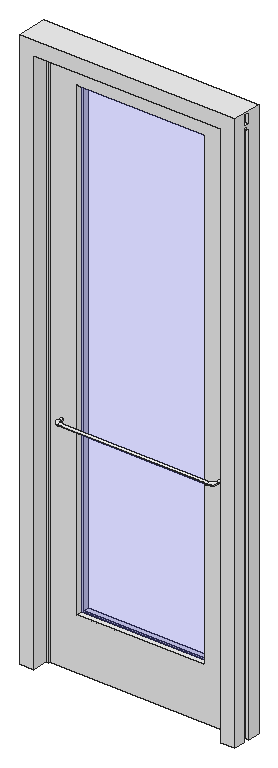
Revit family "kawneer-360_insulclad-sgl_no-tran-fr_20625", category Doors, host Wall, Revit 2015
Parameters
  Water - Static (ASTM E 331) = "product not tested"
  URL = "http://www.kawneer.com/kawneer/north_america/en/product.asp?prod_id=1821"
  Type of Glazing = "insulating"
  Type Comments = "Medium Stile Insulated Swing Door"
  Thermal Transmittance = "< 0.67 BTU/hr/sf/F"
  Sub Category3 = ""
  Sub Category2 = ""
  Sub Category1 = ""
  Sightline = 0"
  Short Description = "Medium Stile Insulated Swing Door"
  Product data url = "https://bimobject.com/kawneerna/product/20617"
  Panel Inserts Material = Glass
  Overall U-Factor = "product not tested"
  Model = "360 Insulclad®"
  Manufacturer Part Number = "360 Insulclad®"
  Manufacturer = "Kawneer"
  Keywords = "Entrance, Door, Swing Door, Thermally Broken"
  Hurricane Resistant Tested [instance] = "product not tested"
  Hinging Types = "Offset Pivot, Butt Hinge, Continuous Gear Hinge"
  Height = 84"
  Wall Closure = By host
  Width = 32"
  Glazing Thickness = 0"
  Glass U-Factor = "product not tested"
  Glass Installtion = "outside"
  Glass Capture = "Captured"
  Function (Interior or Exterior) = "Exterior"
  Function = Interior
  Door Panel Width = Width - (2" * 2)  # 28"
  Door Panel Material = Aluminum - ASTM B 221 - 6063-T6 alloy and temper
  Door Panel Height = Height - 2"  # 82"
  Door Opening = Door Panel Width  # 28"
  Door Handle Material = Aluminum - ASTM B 221 - 6063-T6 alloy and temper
  Door Corner Construction = "Welded"
  Design Pressure = "n/a"
  Design Load = "n/a"
  Description = "The \"360 Insulclad\" is a narrow stile entrance door that is thermally broken and features the dual moment corner construction."
  Depth = 2"
  Color = "any"
  Cladding Type = "Aluminum - ASTM B 221 - 6063-T6 alloy and temper"
  CSI Masterformat Code = "08 41 13"
  Assembly Code = "B2030110"
  Application = "moderate traffic, thermal"
  Air Infiltration (ASTM E 283) = "< 0.50 cfm/ft2  @ 6.24 psf (300 Pa), Single Doors,"
  2-Color Option = "yes"
Reference planes
  plane 1 "Centre Wall": y = 0
  plane 2 "Center (Left/Right)": x = 0
  plane 3 "Left": x = -406.4
  plane 4 "Right": x = 406.4
  plane 5: z = 2133.6
  plane 6 "Exterior": y = 75
  plane 7 "Interior": y = -75
  plane 8: x = -355.6
  plane 9: x = 355.6
Forms (mm)
  Sweep 1, solid, material "Aluminum - ASTM B 221 - 6063-T6 alloy and temper" <- "Door Panel Material"
    path origin (0, 0, 0) x (1, 0, 0) y (0, 0, 1)
      loop
        line (406.4, 2133.6) -> (406.4, 0)
    profile "TLFrame : TLFrame" origin (406.4, 0, 1066.8) x (1, 0, 0) y (0, -1, 0)
      loop
        line (-60.8, -6.375) -> (-50.8, -6.375) -> (-50.8, -57.175) -> (0, -57.175) -> (0, -12.125) -> (-17.25, -12.125) -> (-17.25, 12.125) -> (0, 12.125) -> (0, 57.125) -> (-50.8, 57.125) -> (-50.8, -1.375) -> (-60.8, -1.375) -> (-60.8, -6.375)
      loop
        line (-5, -17.125) -> (-22.25, -17.125) -> (-22.25, 17.125) -> (-5, 17.125) -> (-5, 52.125) -> (-45.8, 52.125) -> (-45.8, -52.175) -> (-5, -52.175) -> (-5, -17.125)
  Sweep 2, solid, material "Aluminum - ASTM B 221 - 6063-T6 alloy and temper" <- "Door Panel Material"
    path origin (0, 0, 0) x (1, 0, 0) y (0, 0, 1)
      loop
        line (-406.4, 2133.6) -> (-406.4, 0)
    profile "TLFrame : TLFrame" origin (-406.4, 0, 1066.8) x (1, 0, 0) y (0, -1, 0)
      loop
        line (60.8, -6.375) -> (60.8, -1.375) -> (50.8, -1.375) -> (50.8, 57.125) -> (0, 57.125) -> (0, 12.125) -> (17.25, 12.125) -> (17.25, -12.125) -> (0, -12.125) -> (0, -57.175) -> (50.8, -57.175) -> (50.8, -6.375) -> (60.8, -6.375)
      loop
        line (5, -17.125) -> (5, -52.175) -> (45.8, -52.175) -> (45.8, 52.125) -> (5, 52.125) -> (5, 17.125) -> (22.25, 17.125) -> (22.25, -17.125) -> (5, -17.125)
  Sweep 3, solid, material "Aluminum - ASTM B 221 - 6063-T6 alloy and temper" <- "Door Panel Material"
    path origin (0, 0, 0) x (1, 0, 0) y (0, 0, 1)
      loop
        line (406.4, 2133.6) -> (-406.4, 2133.6)
    profile "TLTopFrame : TLTopFrame" origin (0, 0, 2133.6) x (0, 0, -1) y (0, -1, 0)
      loop
        line (60.8, -6.35) -> (60.8, -1.35) -> (50.8, -1.35) -> (50.8, 57.15) -> (0, 57.15) -> (0, -57.15) -> (50.8, -57.15) -> (50.8, -6.35) -> (60.8, -6.35)
      loop
        line (5, -52.15) -> (45.8, -52.15) -> (45.8, 52.15) -> (5, 52.15) -> (5, -52.15)
Cuts and joins
  joined: Sweep 1, Sweep 2, Sweep 3
Lines and regions (mm)
  Opening 1
    outline origin (-3050, -75, 0) x (1, 0, 0) y (0, 0, 1)
      loop
        line (2643.6, 0) -> (3456.4, 0) -> (3456.4, 2133.6) -> (2643.6, 2133.6) -> (2643.6, 0)
  symbolic lines
    curve 1: line (-355.6, 768.375, 0) -> (-304.8, 768.375, 0)
    curve 2: line (-355.6, 57.175, 0) -> (-355.6, 768.375, 0)
    curve 3: line (-304.8, 57.175, 0) -> (-355.6, 57.175, 0)
    curve 4: line (-304.8, 768.375, 0) -> (-304.8, 57.175, 0)
    curve 5: arc (-304.8, 768.375, 0) -> (171.152, 548.116, 0) -> (355.6, 57.175, 0) r 691.417
Text (mm)
  text "Exterior" at (-2295.016, 1099.543, 0), in view "Ref. Level"
  text "Exterior" at (0, 1615.38, 3698.081), in view "Left"
  text "Exterior" at (0, 1036.032, 3874.932), in view "Right"
Dimensions and locks
  equal spacing: plane 3 "Left", plane 2 "Center (Left/Right)", plane 4 "Right"
  "Width": plane 3 "Left" to plane 4 "Right"
  "Height": plane 5 to host wall
  host wall to plane 5 = 84"  (x2)
  locked: plane 6 "Exterior" to host wall at 0
  locked: plane 7 "Interior" to host wall
  locked: plane 3 "Left" to plane 8 at 50.8
  locked: plane 9 to plane 4 "Right" at 50.8
  "Depth": curve 2 to curve 4
  "Door Panel Width": cut or joined group of Sweep 1, Sweep 2, Sweep 3 to curve 1
  aligned and locked: plane 3 "Left" to Opening 1 sketch curve
  aligned and locked: plane 5 to Opening 1 sketch curve  (x2)
  aligned and locked: Opening 1 sketch curve to plane 4 "Right"
  aligned and locked: Opening 1 sketch curve to level
  aligned and locked: plane 1 "Centre Wall" to host wall
  aligned and locked: plane 5 to Sweep 1 sketch curve
  aligned and locked: level to Sweep 1 sketch curve
  aligned and locked: plane 5 to Sweep 2 sketch curve
  aligned and locked: level to Sweep 2 sketch curve
  aligned and locked: plane 4 "Right" to Sweep 3 sketch curve
  aligned and locked: plane 3 "Left" to Sweep 3 sketch curve
  aligned and locked: nested 1 to plane 2 "Center (Left/Right)"
  aligned and locked: nested 1 to cut or joined group of Sweep 1, Sweep 2, Sweep 3
  aligned and locked: plane 8 to curve 2
  aligned and locked: cut or joined group of Sweep 1, Sweep 2, Sweep 3 to curve 3
  aligned and locked: plane 9 to curve 5
  aligned and locked: cut or joined group of Sweep 1, Sweep 2, Sweep 3 to curve 5
  aligned and locked: curve 1 to curve 5
Automatic sketch dimensions
  Sweep 1 sketch curve to plane 4 "Right" = 0"
  Sweep 2 sketch curve to plane 3 "Left" = 0"
  Sweep 3 sketch curve to plane 5 = 0"
  host wall to curve 5 = 0.10394"
Nested families
  nested 1: "Kawneer-360_Insulclad-Sgl" at (-310.356, -18.225, 0) x (-1, 0, 0) z (0, 0, 1), type "Kawneer-360_Insulclad-Sgl"
    with Width 28", Height 82", Door Handle Width 23 1/2"
Definition of nested family "Kawneer-360_Insulclad-Sgl"
  Parameters
    Width = 32"
    Water - static (ASTM E 331) = ""
    Type of Glazing = ""
    Thermal transmittance = ""
    Sub Category3 = ""
    Sub Category2 = ""
    Sub Category1 = ""
    Short Description = ""
    Performance standards = ""
    Panel Inserts Material = none
    Overall U-Factor = ""
    Mfr Part Num = ""
    Manufacturer = "Kawneer"
    Keywords = ""
    Hurricane Resistant Tested = ""
    Hinging Types = ""
    Height = 84"
    Glass capture = ""
    Glass U-Factor = ""
    Glass Installtion = ""
    Function (Interior or Exterior) = ""
    Door Panel Material = none
    Door Hangle Material = none
    Door Hangle Height = 33 25/256"
    Door Handle Width = Width - (2 1/4" * 2)  # 27 1/2"
    Door Corner Construction = ""
    Design load = ""
    Design Pressure = ""
    Depth = 2"
    Color = ""
    Cladding Type = ""
    CSI Mastformat Code = ""
    Assembly Code = "B2030110"
    Application = ""
    Air Infiltration (ASTM E 283) = ""
    2-Color Option = ""
  Reference planes
    plane 1 "Center (Front/Back)": y = -50
    plane 2: z = 0
    plane 3 "Center (Left/Right)": x = -310.356
    plane 4: x = -716.756
    plane 5: x = 96.044
    plane 6: y = -24.6
    plane 7: y = -75.4
    plane 8: z = 2133.6
    plane 9: z = 840.68
    plane 10: x = -602.456
    plane 11: x = -18.256
    plane 12: x = -659.606
  Forms (mm)
    Extrusion 1, solid, material <- "Panel Inserts Material"
      sketch origin (0, 0, 0) x (1, 0, 0) y (0, 1, 0)
        loop
          line (-607.417, -44.582) -> (-607.417, -55.418) -> (-13.295, -55.418) -> (-13.295, -44.582) -> (-607.417, -44.582)
      from 193.039 to 2049.661
    Sweep 2, solid, material <- "Door Panel Material"
      path origin (0, -50, 0) x (1, 0, 0) y (0, 0, 1)
        loop
          line (-716.756, 2133.6) -> (-716.756, 0)
      profile "IC360 Side : IC360 Side" origin (-716.756, -50, 1066.8) x (1, 0, 0) y (0, -1, 0)
        loop
          line (83.9, -20.4) -> (83.9, 20.439) -> (4.961, 20.439) -> (4.961, -20.4) -> (83.9, -20.4)
        loop
          line (114.3, 25.4) -> (0, 25.4) -> (0, -25.4) -> (114.3, -25.4) -> (114.3, -5.418) -> (109.339, -5.418) -> (109.339, -20.4) -> (88.9, -20.4) -> (88.9, 20.4) -> (109.339, 20.4) -> (109.339, 5.418) -> (114.3, 5.418) -> (114.3, 25.4)
    Sweep 3, solid, material <- "Door Panel Material"
      path origin (0, -50, 0) x (1, 0, 0) y (0, 0, 1)
        loop
          line (96.044, 2133.6) -> (96.044, 0)
      profile "IC360 Side : IC360 Side" origin (96.044, -50, 1066.8) x (1, 0, 0) y (0, -1, 0)
        loop
          line (-83.9, 20.4) -> (-83.9, -20.439) -> (-4.961, -20.439) -> (-4.961, 20.4) -> (-83.9, 20.4)
        loop
          line (-114.3, -25.4) -> (0, -25.4) -> (0, 25.4) -> (-114.3, 25.4) -> (-114.3, 5.418) -> (-109.339, 5.418) -> (-109.339, 20.4) -> (-88.9, 20.4) -> (-88.9, -20.4) -> (-109.339, -20.4) -> (-109.339, -5.418) -> (-114.3, -5.418) -> (-114.3, -25.4)
    Sweep 4, solid, material <- "Door Panel Material"
      path origin (0, -50, 0) x (1, 0, 0) y (0, 0, 1)
        loop
          line (-602.456, 2133.6) -> (-18.256, 2133.6)
      profile "IC360 Top : IC360 Top" origin (-310.356, -50, 2133.6) x (0, 0, 1) y (0, -1, 0)
        loop
          line (-51, 20.4) -> (-51, -20.439) -> (-15, -20.439) -> (-15, 20.4) -> (-51, 20.4)
        loop
          line (-56, -20.4) -> (-83.939, -20.4) -> (-83.939, -5.418) -> (-88.9, -5.418) -> (-88.9, -25.4) -> (0, -25.4) -> (0, -20.4) -> (-10, -20.4) -> (-10, 20.4) -> (0, 20.4) -> (0, 25.4) -> (-88.9, 25.4) -> (-88.9, 5.418) -> (-83.939, 5.418) -> (-83.939, 20.4) -> (-56, 20.4) -> (-56, -20.4)
    Sweep 5, solid, material <- "Door Panel Material"
      path origin (0, -50, 0) x (1, 0, 0) y (0, 0, 1)
        loop
          line (-602.456, 0) -> (-18.256, 0)
      profile "IC360 Bottom : IC360 Bottom" origin (-310.356, -50, 0) x (0, 0, 1) y (0, -1, 0)
        loop
          line (160.1, -20.4) -> (160.1, 20.439) -> (15, 20.439) -> (15, -20.4) -> (160.1, -20.4)
        loop
          line (165.1, 20.4) -> (193.039, 20.4) -> (193.039, 5.418) -> (198, 5.418) -> (198, 25.4) -> (0, 25.4) -> (0, 20.4) -> (10, 20.4) -> (10, -20.4) -> (0, -20.4) -> (0, -25.4) -> (198, -25.4) -> (198, -5.418) -> (193.039, -5.418) -> (193.039, -20.4) -> (165.1, -20.4) -> (165.1, 20.4)
  Cuts and joins
    joined: Sweep 2, Sweep 3, Sweep 4, Sweep 5
  Dimensions and locks
    equal spacing: plane 4, plane 3 "Center (Left/Right)", plane 5
    equal spacing: plane 6, plane 1 "Center (Front/Back)", plane 7
    "Depth": plane 6 to plane 7
    "Width": plane 4 to plane 5
    "Height": plane 8 to level
    "Door Hangle Height": plane 9 to level
    locked: plane 4 to plane 10 at 114.3
    locked: plane 11 to plane 5 at 114.3
    locked: plane 4 to plane 12 at 57.15
    aligned and locked: plane 7 to nested 1
    aligned and locked: plane 9 to nested 1
    aligned and locked: nested 2 to plane 6
    aligned and locked: nested 2 to plane 9
    aligned and locked: plane 12 to nested 1
    aligned and locked: plane 8 to Sweep 2 sketch curve
    aligned and locked: level to Sweep 2 sketch curve
    aligned and locked: plane 8 to Sweep 3 sketch curve
    aligned and locked: level to Sweep 3 sketch curve
    aligned and locked: plane 10 to Sweep 2
    aligned and locked: plane 11 to Sweep 3
    aligned and locked: plane 11 to Sweep 4 sketch curve
    aligned and locked: plane 10 to Sweep 4 sketch curve
    aligned and locked: Extrusion 1 to cut or joined group of Sweep 2, Sweep 3, Sweep 4, Sweep 5
    aligned and locked: plane 10 to Sweep 5 sketch curve
    aligned and locked: plane 11 to Sweep 5 sketch curve
    aligned and locked: Sweep 5 to Extrusion 1
  Automatic sketch dimensions
    Extrusion 1 sketch curve to plane 10 = 25/128"
    plane 1 "Center (Front/Back)" to Extrusion 1 sketch curve = 0.21331"
    Extrusion 1 sketch curve to plane 1 "Center (Front/Back)" = 0.21331"
    Extrusion 1 sketch curve to plane 11 = 25/128"
    Sweep 2 sketch curve to plane 4 = 0"
    Sweep 3 sketch curve to plane 5 = 0"
    Sweep 4 sketch curve to plane 8 = 0"
    Sweep 5 sketch curve to level = 0"
  Nested families
    nested 1: "Style CO 9 Pull" at (-697.641, -75.4, 612.08), type "Style CO 9 Pull"
    nested 2: "Style CP II Push Bar" at (-260.356, -24.6, 840.68), type "Style CP II Push Bar"
      with Width 27 1/2"
  Definition of nested family "Style CO 9 Pull"
    Parameters
      Width = 1.1811"
      Height = 9"
      Hangle Material = none
      Depth = 1.1811"
    Reference planes
      plane 1 "Center (Front/Back)": y = 0
      plane 2: z = 0
      plane 3 "Center (Left/Right)": x = 53.034
      plane 4: y = -30
      plane 5: x = 38.034
      plane 6: x = 68.034
      plane 7: x = 46.034
      plane 8 "Top": z = 228.6
      plane 9: x = 60.034
      plane 10: z = 220.6
      plane 11: z = 8
    Forms (mm)
      Sweep 1, solid, material <- "Hangle Material"
        path origin (0, 0, 0) x (1, 0, 0) y (0, 1, 0)
          loop
            line (38.034, 0) -> (38.034, -23)
            arc (38.034, -23) -> (40.085, -27.95) -> (45.034, -30) r 7
            line (45.034, -30) -> (60.034, -30)
        profile origin (38.034, -11.5, 0) x (1, 0, 0) y (0, 0, 1)
          loop
            circle (0, 0) r 5
      Sweep 2, solid, material <- "Hangle Material"
        path origin (0, 0, 228.6) x (-1, 0, 0) y (0, -1, 0)
          loop
            line (-38.034, 0) -> (-38.034, 23)
            arc (-38.034, 23) -> (-40.085, 27.95) -> (-45.034, 30) r 7
            line (-45.034, 30) -> (-60.034, 30)
        profile origin (38.034, -11.5, 228.6) x (1, 0, 0) y (0, 0, 1)
          loop
            circle (0, 0) r 5
      Sweep 3, solid, material <- "Hangle Material"
        path origin (-1540.712, -30, 1200) x (-1, 0, 0) y (0, 0, 1)
          loop
            arc (-1600.747, -1200) -> (-1606.404, -1197.657) -> (-1608.747, -1192) r 8
            line (-1608.747, -1192) -> (-1608.747, -979.4)
            arc (-1608.747, -979.4) -> (-1606.404, -973.743) -> (-1600.747, -971.4) r 8
        profile origin (68.034, -30, 114.3) x (1, 0, 0) y (0, 1, 0)
          loop
            circle (0, 0) r 5
    Cuts and joins
      joined: Sweep 1, Sweep 2, Sweep 3
    Dimensions and locks
      "Depth": plane 4 to plane 1 "Center (Front/Back)"
      equal spacing: plane 5, plane 3 "Center (Left/Right)", plane 6
      locked: plane 5 to plane 7 at 8
      "Width": plane 5 to plane 6
      "Height": plane 8 "Top" to level
      locked: plane 9 to plane 6 at 8
      locked: level to plane 11 at 8
      locked: plane 10 to plane 8 "Top" at 8
      aligned and locked: Sweep 1 sketch curve to plane 5
      aligned and locked: Sweep 1 sketch curve to plane 4
      aligned and locked: plane 1 "Center (Front/Back)" to Sweep 1 sketch curve
      aligned and locked: plane 9 to Sweep 1 sketch curve
      aligned and locked: Sweep 2 sketch curve to plane 5
      aligned and locked: Sweep 2 sketch curve to plane 4
      aligned and locked: plane 1 "Center (Front/Back)" to Sweep 2 sketch curve
      aligned and locked: plane 9 to Sweep 2 sketch curve
      aligned and locked: plane 6 to Sweep 3 sketch curve  (x2)
      aligned and locked: plane 10 to Sweep 3 sketch curve
      aligned and locked: plane 11 to Sweep 3 sketch curve
      aligned and locked: plane 9 to Sweep 3 sketch curve  (x2)
      aligned and locked: plane 8 "Top" to Sweep 3 sketch curve
      aligned and locked: level to Sweep 3 sketch curve
      aligned and locked: plane 4 to Sweep 3 sketch curve
    Automatic sketch dimensions
      Sweep 1 sketch curve to plane 7 = 0.03937"
      Sweep 1 sketch curve to level = 0"
      Sweep 1 sketch curve to profile plane = 0"
      Sweep 2 sketch curve to plane 7 = 0.03937"
      Sweep 2 sketch curve to plane 8 "Top" = 0"
      Sweep 2 sketch curve to profile plane = 0"
      radius of Sweep 1 sketch curve = 0.19685"
      radius of Sweep 2 sketch curve = 0.19685"
      radius of Sweep 3 sketch curve = 0.19685"
  Definition of nested family "Style CP II Push Bar"
    Parameters
      Width = 28"
      Hangle Material = none
      Depth = 1.1811"
    Reference planes
      plane 1 "Center (Front/Back)": y = 0
      plane 2: z = 0
      plane 3 "Center (Left/Right)": x = -50
      plane 4: x = -405.6
      plane 5: x = 305.6
      plane 6: y = -30
      plane 7: z = 0
    Forms (mm)
      Sweep 1, solid, material <- "Hangle Material"
        path origin (0, 0, 0) x (1, 0, 0) y (0, 1, 0)
          loop
            line (-405.6, 0) -> (-405.6, -15)
            arc (-405.6, -15) -> (-401.207, -25.607) -> (-390.6, -30) r 15
            line (-390.6, -30) -> (290.6, -30)
            arc (290.6, -30) -> (301.207, -25.607) -> (305.6, -15) r 15
            line (305.6, -15) -> (305.6, 0)
        profile origin (-50, -30, 0) x (0, 1, 0) y (0, 0, 1)
          loop
            circle (0, 0) r 5
    Dimensions and locks
      "Depth": plane 6 to plane 1 "Center (Front/Back)"
      equal spacing: plane 4, plane 3 "Center (Left/Right)", plane 5
      "Width": plane 4 to plane 5
      aligned and locked: Sweep 1 sketch curve to plane 5
      aligned and locked: plane 1 "Center (Front/Back)" to Sweep 1 sketch curve  (x2)
      aligned and locked: Sweep 1 sketch curve to plane 4
      aligned and locked: level to plane 7
    Automatic sketch dimensions
      Sweep 1 sketch curve to level = 0"
      Sweep 1 sketch curve to profile plane = 0"
      Sweep 1 sketch curve to plane 6 = 0"
      plane 4 to Sweep 1 sketch curve = 0.59055"
      plane 1 "Center (Front/Back)" to Sweep 1 sketch curve = 0.59055"
      radius of Sweep 1 sketch curve = 0.19685"
